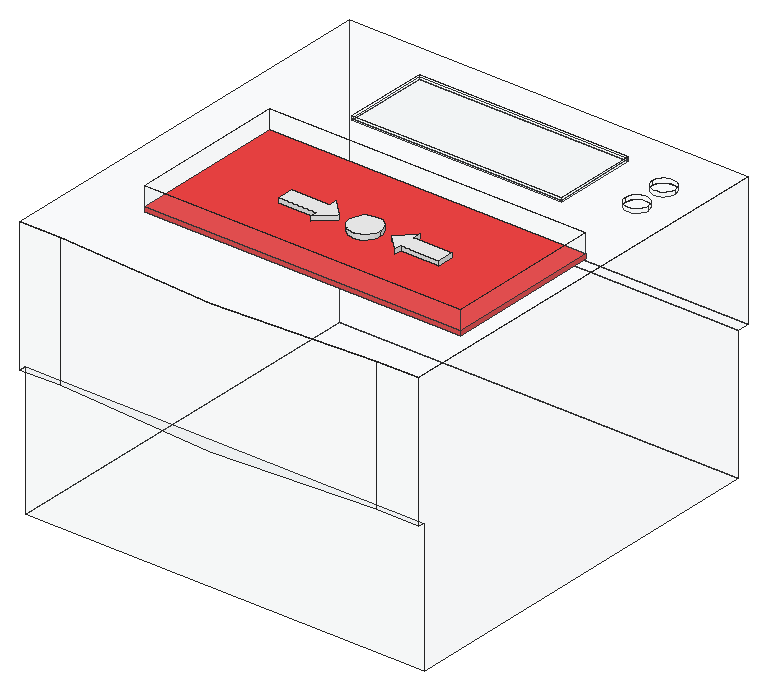
Revit family "Maxlogic söndürmeyi el ile serbest bırakma butonu", category Fire Alarm Devices, host Face, Revit 2021
Family settings
  Host = Face
  Maintain Annotation Orientation = Yes
  Round Connector Dimension = Use Diameter
  Part Type = Normal
  OmniClass Number = 23.85.30.21
  OmniClass Title = Environmental Detection/Registration
  Cut with Voids When Loaded = No
  Shared = No
  Room Calculation Point = No
Parameters (values of type "Maxlogic söndürmeyi el ile serbest bırakma butonu")
  Weight = "140 gr."
  Weatherproof surface mounting back box = ""
  Warranty Duration Unit = "Year"
  Warranty Duration Parts = "2"
  Warranty Duration Labor = "2"
  Version = ""
  URL = "https://www.mavili.com.tr/"
  Recessed mounting base = ""
  Public Works Pose Number = "833-260"
  Protective Cover = "ML-0710"
  Protection Sign = "IP22D"
  Product Code = "ML-2710.MR"
  Phone Number = "(+)90 216 466 45 05"
  Operatonal Voltage (default) = "24 V/DC"
  Operating voltage range = "10-30 V/DC"
  Operating temperature = "(-10°C) - (+55°C)"
  Nominal Depth = "58 mm"
  Nominal Width = "87 mm"
  Nominal Height = "91 mm"
  Mounting surface = "Duvara montaj"
  Mounting height = "Zeminden 1,4m yukarıda (+/-200mm)"
  Model = "MaxLogic"
  Manufacturer = "Mavili Elektronik Ticaret A.Ş."
  Installation Manual = "https://mavilielektronik.com/Revit/ML2710MR_kk.pdf"
  Indicator output = ""
  Fax Number = "(+)90 216 466 45 10"
  External supply = ""
  Email = "mavili@mavili.com.tr"
  Disclaimer = ""
  Device Adress Setup = ""
  Description = "Söndürmeyi el ile serbest bırakma butonu"
  Default Elevation = 0 mm
  Current consumption = ""
  Cost unıt = ""
  Cost = 0
  Compatible sockets = ""
  Color = "Sarı"
  Code Performance = "EN 12094-3"
  Main Material = "Yellow Plastic ABS"
  Secondary Material = "Plastic"
  Address line 1 = "Şerifali Mahallesi Kutup Sokak No:27/1-2-4 Ümraniye TR-34775 İSTANBUL"
Reference planes
  plane 1 "Center (Front/Back)": y = 0
  plane 2: z = 0
  plane 3 "Center (Left/Right)": x = 0
Forms (mm)
  Extrusion 1, solid, material "Mavili sarı"
    sketch origin (0, 0, 0) x (1, 0, 0) y (0, 1, 0)
      loop
        line (0, 89.883) -> (0, 0) -> (8.74, 0)
        arc (8.74, 0) -> (43.246, -2.016) -> (77.752, 0) r 296.28
        line (77.752, 0) -> (87.027, 0) -> (87.027, 89.883) -> (0, 89.883)
    from 0 to 58
  Extrusion 2, void
    sketch origin (0, 0, 0) x (0, 1, 0) y (0, 0, 1)
      loop
        line (89.883, 29.005) -> (87.283, 29.005) -> (87.283, -4.106) -> (89.883, -4.106) -> (89.883, 29.005)
    from 0 to 90.479
  Extrusion 3, void
    sketch origin (0, 0, 0) x (0, 1, 0) y (0, 0, 1)
      loop
        line (-3.567, 28.975) -> (-3.567, -2.735) -> (1.471, -2.735) -> (1.471, 28.975) -> (-3.567, 28.975)
    from 0 to 87.027
  Extrusion 4, void
    sketch origin (0, 0, 58) x (0, 1, 0) y (1, 0, 0)
      loop
        line (57.252, 8.74) -> (57.252, 77.752) -> (22.919, 77.752) -> (22.919, 8.74) -> (57.252, 8.74)
    from 0 to 5
  Extrusion 5, solid, material "Render Material 255-0-0"
    sketch origin (0, 0, 53) x (0, 1, 0) y (-1, 0, 0)
      loop
        line (57.252, -8.74) -> (22.919, -8.74) -> (22.919, -77.752) -> (57.252, -77.752) -> (57.252, -8.74)
    from 0 to 1
  Extrusion 6, solid, material "Render Material 255-255-255"
    sketch origin (0, 0, 54) x (1, 0, 0) y (0, 1, 0)
      loop
        circle (43.246, 40.085) r 3.37
    from 0 to 1
  Extrusion 7, solid, material "Render Material 255-255-255"
    sketch origin (0, 0, 54) x (1, 0, 0) y (0, 1, 0)
      loop
        line (49.1, 40.085) -> (52.47, 36.715) -> (52.47, 38.309) -> (60.788, 38.309) -> (60.788, 41.861) -> (52.47, 41.861) -> (52.47, 43.455) -> (49.1, 40.085)
    from 0 to 1
  Extrusion 8, solid, material "Render Material 255-255-255"
    sketch origin (86.492, 0, 54) x (-1, 0, 0) y (0, -1, 0)
      loop
        line (49.1, -40.085) -> (52.47, -43.455) -> (52.47, -41.861) -> (60.788, -41.861) -> (60.788, -38.309) -> (52.47, -38.309) -> (52.47, -36.715) -> (49.1, -40.085)
    from 0 to 1
  Extrusion 9, void
    sketch origin (0, 0, 58) x (0, 1, 0) y (1, 0, 0)
      loop
        circle (78.518, 77.752) r 2.471
    from 0 to 1
  Extrusion 10, void
    sketch origin (0, -7.362, 58) x (0, 1, 0) y (1, 0, 0)
      loop
        circle (78.518, 77.752) r 2.471
    from 0 to 1
  Extrusion 11, void
    sketch origin (0, 0, 58) x (0, 1, 0) y (1, 0, 0)
      loop
        line (82.6, 21.063) -> (82.6, 66.836) -> (64.116, 66.836) -> (64.116, 21.063) -> (82.6, 21.063)
    from 0 to 1
  Extrusion 12, solid, material "Mavili sarı"
    sketch origin (0, 0, 57) x (0, 1, 0) y (-1, 0, 0)
      loop
        line (82.6, -21.063) -> (64.116, -21.063) -> (64.116, -66.836) -> (82.6, -66.836) -> (82.6, -21.063)
    from 0 to 0.5
Cuts and joins
  Extrusion 2, Extrusion 3, Extrusion 4, Extrusion 9, Extrusion 10, Extrusion 11 cuts Extrusion 1
Dimensions and locks
  aligned and locked: plane 2 to host face
  aligned and locked: level to host face
